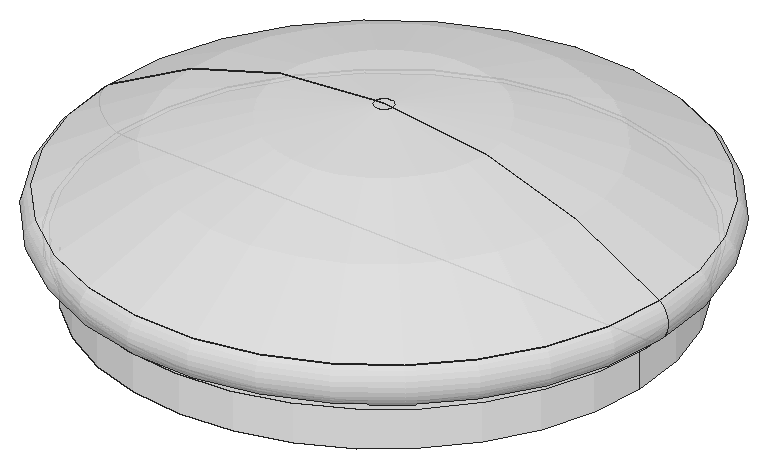
Revit family "0043282 Sylvania Lighting Fixture SYLCIRCLE 17W 3000K", category Lighting Fixtures, host Face, Revit 2016
Family settings
  Host = Face
  Part Type = Normal
  Round Connector Dimension = Use Diameter
  OmniClass Number = 23.80.70.11.17
  OmniClass Title = Specialized Lighting by Location or Use
  Cut with Voids When Loaded = No
  Light Source = Yes
  Shared = No
  Room Calculation Point = No
Parameters (values of type "0043282 SYLCIRCLE 17W 3000K")
  Weight = "3.888 kg"
  WarrantyStartDate [instance] = "n/a"
  WarrantyGuarantorParts = "n/a"
  WarrantyDurationUnit = "n/a"
  WarrantyDurationParts = "n/a"
  WarrantyDescription = "n/a"
  Voltage = 230 V
  TypeName = "SYLCIRCLE 17W 3000K"
  SerialNumber [instance] = "n/a"
  Radius_FEILO = 165.0 mm
  Wattage = 17 W
  built-in parameter 1150110 = 1 (stored number, unit not read)
  URL = "http://www.sylvania-lighting.com"
  built-in parameter 1114217 = 1 (stored number, unit not read)
  Tilt Angle = -90°
  built-in parameter 1150109 = 1 (stored number, unit not read)
  built-in parameter 1150134 = (empty or 0)
  built-in parameter 1150113 = 1 (stored number, unit not read)
  PowerFactor = 0.8
  PowerConsumption = "17 W"
  Photometric Web File = "0043282.ies"
  NominalWidth = 0.0 mm
  NominalLength = 330.0 mm
  NominalHeight = 96.0 mm
  Name = "SYLCIRCLE 17W 3000K"
  ModelReference = "SYLCIRCLE 17W 3000K"
  ModelNumber = "0043282"
  Material_4_FEILO = none
  Material_3_FEILO = Polycarbonate_Sylvania_Sylcircle_Opal
  Material_2_FEILO = Metal_Sylvania_Sylcircle_White
  Material_1_FEILO = none
  Material = "aluminium housing, polycarbonate diffuser"
  ManufacturerName = "Feilo Sylvania"
  LuminousEfficacy = "88 lm/W"
  LuminaireType = ""
  LightOutputRatio = "n/a"
  LampsType = Lamp  # "LED"
  LampNominalLuminous = "1500 lm"
  LampMacAdamStep = "6"
  LampColourTemperature = "3000 K"
  LampColourRenderingIndex = "80"
  Keynote = "16500"
  InstallationDate [instance] = "n/a"
  InputVoltage = "220-240V~"
  InputNominalFrequency = "50 Hz"
  IngressProtection = "IP44"
  ImpactProtectionIndex = "IK03"
  IfcExportType = "IfcLightFixtureType"
  IfcExportAs = "IfcLightFixtureType"
  Height_FEILO = 96.0 mm
  ExpectedLife = 50000
  ElectricShockClassification = "Class I"
  DurationUnit = "hours"
  DocumentationLiterature = "http://www.sylvania-lighting.com/product/en-int/products/0043282"
  DimmingControlOptions = "Non dimmable"
  Diameter_FEILO = 2 * Radius_FEILO  # 330.0 mm
  CreatedOn = "5/25/2018"
  CreatedBy = "aron.fodor@sylvania-lighting.com"
  built-in parameter 1114216 [instance] = 1 (stored number, unit not read)
  Model = "SYLCIRCLE 17W 3000K"
  Manufacturer = "Feilo Sylvania"
  built-in parameter 1150105 = 351.19 (stored number, unit not read)
  Lumens = 1496 lm
  built-in parameter 1150115 = 1 (stored number, unit not read)
  built-in parameter 1150137 = (empty or 0)
  built-in parameter 1150139 = (empty or 0)
  built-in parameter 1150112 = 1 (stored number, unit not read)
  built-in parameter 1150114 = 1 (stored number, unit not read)
  Lamp = "LED"
  built-in parameter 1150132 = 2
  built-in parameter 1150102 = (empty or 0)
  built-in parameter 1150107 = 3000 (stored number, unit not read)
  built-in parameter 1150138 = (empty or 0)
  built-in parameter 1150106 = 3.5119 (stored number, unit not read)
  built-in parameter 1150104 = 8.1755 (stored number, unit not read)
  Dimming Lamp Color Temperature Shift = <None>
  Description = "Ceiling / wall luminaire with integrated LED  Perfect solution for hallways, circulation spaces or foyer.   Even and uniform light distribution with a halo lighting effect on the wall surface    17W 1500 lumens Supplied with LED driver (non-dimmable)    IK03 PMMA diffuser   Low maintenance with 30,000 hours LED life expectancy"
  Default Elevation = 0.0 mm
  Color Filter = 16777215
  built-in parameter 1140040 [instance] = 1
  BarCode [instance] = "n/a"
  built-in parameter 1114218 = 1 (stored number, unit not read)
  built-in parameter 1150133 = 10 (stored number, unit not read)
  AssetType = "Fixed"
  AssetIdentifier [instance] = "n/a"
  Assembly Code = "D5020200"
  Apparent Load = 17 VA
Reference planes
  plane 1 "Center (Front/Back)": y = 0
  plane 2: z = 0
  plane 3 "Center (Left/Right)": x = 0
  plane 4: x = 165
  plane 5: z = 23
  plane 6 "Housing Bottom": z = 27
  plane 7: z = 50
  plane 8 "Fixture Bottom": z = 96
  plane 9: x = 160
  plane 10: x = 155
  plane 11: x = 152
  plane 12: x = 148
Forms (mm)
  Revolve 1, solid, material "Polycarbonate_Sylvania_Sylcircle_Opal" <- "Material_3_FEILO", detail levels fine
    sketch origin (0, 0, 0) x (1, 0, 0) y (0, 0, 1)
      loop
        line (0, 96) -> (0, 27) -> (154.962, 27)
        arc (154.962, 27) -> (164.736, 36.911) -> (160, 50) r 13.044
        arc (160, 50) -> (85.841, 84.257) -> (5, 96) r 284.141
        line (5, 96) -> (0, 96)
      axis (0, 96) -> (0, 27)
    angle from 0 to 360
  Revolve 2, solid, material "Metal_Sylvania_Sylcircle_White" <- "Material_2_FEILO", detail levels fine
    sketch origin (0, 0, 0) x (1, 0, 0) y (0, 0, 1)
      loop
        line (152, 27) -> (0, 27) -> (0, 0) -> (148, 0) -> (148, 23) -> (152, 23) -> (152, 27)
      axis (0, 27) -> (0, 0)
    angle from 0 to 360
  Revolve 3, solid, material "Metal_Sylvania_Sylcircle_White" <- "Material_2_FEILO", detail levels coarse+medium
    sketch origin (0, 0, 0) x (1, 0, 0) y (0, 0, 1)
      loop
        line (0, 96) -> (0, 0) -> (148, 0) -> (148, 23) -> (152, 23) -> (152, 27) -> (154.962, 27)
        arc (154.962, 27) -> (164.736, 36.911) -> (160, 50) r 13.044
        arc (160, 50) -> (85.841, 84.257) -> (5, 96) r 284.141
        line (5, 96) -> (0, 96)
      axis (0, 96) -> (0, 0)
    angle from 0 to 360
Dimensions and locks
  "Height_FEILO": plane 8 "Fixture Bottom" to plane 2
  "Radius_FEILO": plane 4 to plane 3 "Center (Left/Right)"
  plane 6 "Housing Bottom" to plane 5 to plane 2 = 4.0 mm locked, 23.0 mm locked
  plane 4 to plane 9 to plane 10 to plane 11 to plane 12 = 5.0 mm locked, 5.0 mm locked, 3.0 mm locked, 4.0 mm locked
  aligned and locked: plane 2 to host face
  aligned and locked: level to host face
  aligned and locked: plane 1 "Center (Front/Back)" to imposter light
  aligned and locked: plane 3 "Center (Left/Right)" to imposter light
  aligned and locked: Revolve 1 sketch curve to plane 3 "Center (Left/Right)"
  aligned and locked: plane 6 "Housing Bottom" to Revolve 1 sketch curve  (x2)
  aligned and locked: Revolve 1 sketch curve to plane 8 "Fixture Bottom"
  aligned and locked: plane 9 to Revolve 1 sketch curve
  aligned and locked: Revolve 2 sketch curve to plane 6 "Housing Bottom"
  aligned and locked: Revolve 2 sketch curve to plane 11
  aligned and locked: Revolve 2 sketch curve to plane 5
  aligned and locked: Revolve 2 sketch curve to plane 12
  aligned and locked: Revolve 2 sketch curve to plane 2
  aligned and locked: Revolve 2 sketch curve to plane 3 "Center (Left/Right)"  (x2)
  aligned and locked: plane 8 "Fixture Bottom" to imposter light
  aligned and locked: plane 9 to Revolve 3 sketch curve
  aligned and locked: plane 6 "Housing Bottom" to Revolve 3 sketch curve
  aligned and locked: plane 7 to Revolve 3 sketch curve
  aligned and locked: Revolve 3 sketch curve to imposter light
  aligned and locked: Revolve 3 sketch curve to plane 11
  aligned and locked: Revolve 3 sketch curve to plane 2
  aligned and locked: Revolve 3 sketch curve to plane 5
  aligned and locked: Revolve 3 sketch curve to plane 12
Automatic sketch dimensions
  host sketch curve to host sketch curve = 1305.563 mm
  host sketch curve to host sketch curve = 1283.632 mm
  Revolve 1 sketch curve to plane 3 "Center (Left/Right)" = 0.0 mm
  Revolve 1 sketch curve to plane 7 = 0.0 mm
  Revolve 1 sketch curve to plane 10 = 0.038 mm
  plane 3 "Center (Left/Right)" to Revolve 1 sketch curve = 5.0 mm
  Revolve 1 sketch curve to plane 10 = 3.007 mm
  Revolve 1 sketch curve to Revolve 1 sketch curve = 234.06 mm
  Revolve 1 sketch curve to Revolve 1 sketch curve = 2559.943 mm
  Revolve 2 sketch curve to level = 372.274 mm
  plane 8 "Fixture Bottom" to Revolve 2 sketch curve = 2559.943 mm
  Revolve 3 sketch curve to plane 3 "Center (Left/Right)" = 0.0 mm  (x2)
  plane 3 "Center (Left/Right)" to Revolve 3 sketch curve = 5.0 mm
  Revolve 3 sketch curve to plane 10 = 0.038 mm
  Revolve 3 sketch curve to plane 11 = 0.007 mm
  Revolve 3 sketch curve to Revolve 3 sketch curve = 234.06 mm
  Revolve 3 sketch curve to Revolve 3 sketch curve = 2559.943 mm
Connectors
  electrical at (0, 0, 0), driven by "Apparent Load", driven by "Voltage", driven by "PowerFactor"
    settings: on Revolve 2, index 1, voltage 230 V, apparent load 0 VA, apparent load phase1 17 VA, apparent load phase2 0 VA, apparent load phase3 0 VA, power factor 0.8, load classification "Lighting", number of poles 1, system type 31, power factor state 1, is connector primary yes, connector utility no, sub classification motor no, connector description ""
